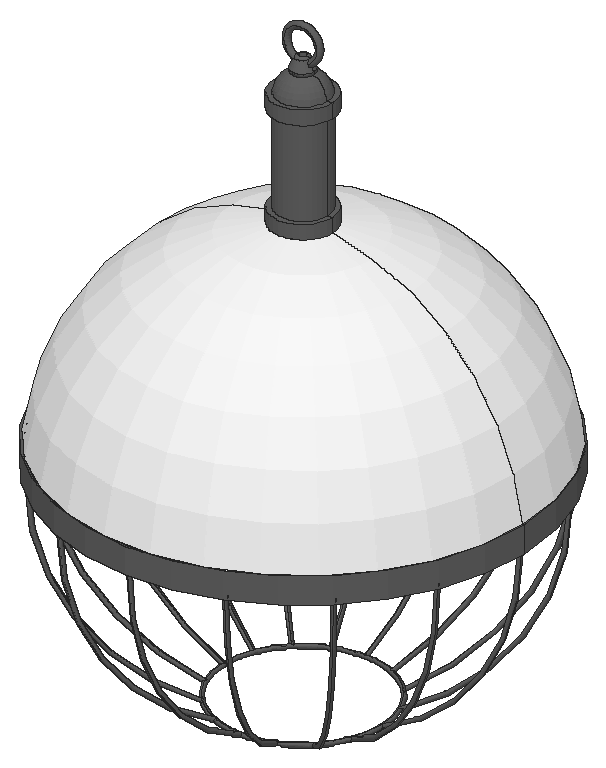
Revit family "PEHD615", category Lighting Fixtures, Revit 2024
Family settings
  Round Connector Dimension = Use Diameter
  Part Type = Normal
  OmniClass Number = 23.80.70.00
  OmniClass Title = Lighting
  Work Plane-Based = No
  Always vertical = Yes
  Cut with Voids When Loaded = No
  Light Source = No
  Maintain Annotation Orientation = No
  Shared = No
  Room Calculation Point = No
Parameters
  Default Elevation = 0' - 0"
Reference planes (in)
  plane 1 "Light Source Axis (F/B)": y = 0
  plane 2: z = 0
  plane 3 "Light Source Axis (L/R)": x = 0
  plane 4 "Light Source Elevation": z = 54
Forms (in)
  Revolve 1, solid, material "41"
    sketch origin (0, 0, 0) x (1, 0, 0) y (0, 0, 1)
      loop
        arc (-1, 68.43443) -> (-5.34766, 66.25997) -> (-7.44878, 61.8764) r 7.5
        line (-7.44878, 61.8764) -> (-7.5, 61.8764) -> (-7.5, 61.0014) -> (-7.40625, 61.0014) -> (-7.40625, 61.78265) -> (-7.36493, 61.78265)
        arc (-7.36493, 61.78265) -> (-5.31212, 66.1622) -> (-0.9937, 68.34068) r 7.40625
        line (-0.9937, 68.34068) -> (-0.25, 68.34068) -> (-0.25, 68.43443) -> (-1, 68.43443)
      loop
        circle (-2.67734, 54.0625) r 0.0625
      axis (0, 68.43443) -> (0, 54)
    angle from 0 to 360
  Revolve 2, solid, material "41"
    sketch origin (0, 0, 0) x (1, 0, 0) y (0, 0, 1)
      loop
        line (-1, 68.43443) -> (-0.25, 68.43443) -> (-0.25, 73) -> (-0.34504, 73)
        arc (-0.34504, 73) -> (-0.66363, 72.74425) -> (-0.82187, 72.36761) r 0.83113
        line (-0.82187, 72.36761) -> (-1, 72.36761) -> (-1, 71.90102) -> (-0.82984, 71.90102) -> (-0.82984, 68.90102) -> (-1, 68.90102) -> (-1, 68.43443)
      axis (0, 73) -> (0, 68.43443)
    angle from 0 to 360
  Revolve 3, solid, material "41"
    sketch origin (0, 0, 0) x (1, 0, 0) y (0, 0, 1)
      loop
        arc (-0.37554, 73.09992) -> (-0.37217, 73.03268) -> (-0.31332, 73) r 0.06933
        line (-0.31332, 73) -> (-0.12768, 73) -> (-0.12768, 73.48254)
        arc (-0.12768, 73.48254) -> (-0.18178, 73.46594) -> (-0.21728, 73.42187) r 0.09651
        line (-0.21728, 73.42187) -> (-0.37554, 73.09992)
      axis (0, 73.48254) -> (0, 73)
    angle from 0 to 360
  Sweep 4, solid, material "41"
    path origin (0, 0, 0) x (1, 0, 0) y (0, 0, 1)
      loop
        arc (0.17968, 73.29298) -> (-0.00033, 74.37424) -> (-0.17905, 73.29277) r 0.55556
    profile origin (-0.00033, 0, 74.37424) x (0.000592, 0, -1) y (0, -1, 0)
      loop
        circle (0, 0) r 0.1068
  Sweep 5, solid, material "41"
    path origin (0, 0, 0) x (1, 0, 0) y (0, 0, 1)
      loop
        arc (-2.67734, 54.0625) -> (-6.06077, 56.82568) -> (-7.3438, 61.0014) r 7.53905
        line (-7.3438, 61.0014) -> (-7.3438, 61.4389)
    profile origin (-7.3438, 0, 61.22015) x (-1, 0, 0) y (0, -1, 0)
      loop
        circle (0, 0) r 0.0625
  Sweep 6, solid, material "41"
    path origin (0, 0, 0) x (0.92388, -0.382683, 0) y (0, 0, 1)
      loop
        arc (-2.67734, 54.0625) -> (-6.06077, 56.82568) -> (-7.3438, 61.0014) r 7.53905
        line (-7.3438, 61.0014) -> (-7.3438, 61.4389)
    profile origin (-6.78479, 2.81035, 61.22015) x (-0.92388, 0.382683, 0) y (-0.382683, -0.92388, 0)
      loop
        circle (0, 0) r 0.0625
  Sweep 7, solid, material "41"
    path origin (0, 0, 0) x (0.92388, 0.382683, 0) y (0, 0, 1)
      loop
        arc (-2.67734, 54.0625) -> (-6.06077, 56.82568) -> (-7.3438, 61.0014) r 7.53905
        line (-7.3438, 61.0014) -> (-7.3438, 61.4389)
    profile origin (-6.78479, -2.81035, 61.22015) x (-0.92388, -0.382683, 0) y (0.382683, -0.92388, 0)
      loop
        circle (0, 0) r 0.0625
  Sweep 8, solid, material "41"
    path origin (0, 0, 0) x (0.707107, 0.707107, 0) y (0, 0, 1)
      loop
        arc (-2.67734, 54.0625) -> (-6.06077, 56.82568) -> (-7.3438, 61.0014) r 7.53905
        line (-7.3438, 61.0014) -> (-7.3438, 61.4389)
    profile origin (-5.19285, -5.19285, 61.22015) x (-0.707107, -0.707107, 0) y (0.707107, -0.707107, 0)
      loop
        circle (0, 0) r 0.0625
  Sweep 9, solid, material "41"
    path origin (0, 0, 0) x (0.382683, 0.92388, 0) y (0, 0, 1)
      loop
        arc (-2.67734, 54.0625) -> (-6.06077, 56.82568) -> (-7.3438, 61.0014) r 7.53905
        line (-7.3438, 61.0014) -> (-7.3438, 61.4389)
    profile origin (-2.81035, -6.78479, 61.22015) x (-0.382683, -0.92388, 0) y (0.92388, -0.382683, 0)
      loop
        circle (0, 0) r 0.0625
  Sweep 10, solid, material "41"
    path origin (0, 0, 0) x (0, 1, 0) y (0, 0, 1)
      loop
        arc (-2.67734, 54.0625) -> (-6.06077, 56.82568) -> (-7.3438, 61.0014) r 7.53905
        line (-7.3438, 61.0014) -> (-7.3438, 61.4389)
    profile origin (0, -7.3438, 61.22015) x (0, -1, 0) y (1, 0, 0)
      loop
        circle (0, 0) r 0.0625
  Sweep 11, solid, material "41"
    path origin (0, 0, 0) x (-0.382683, 0.92388, 0) y (0, 0, 1)
      loop
        arc (-2.67734, 54.0625) -> (-6.06077, 56.82568) -> (-7.3438, 61.0014) r 7.53905
        line (-7.3438, 61.0014) -> (-7.3438, 61.4389)
    profile origin (2.81035, -6.78479, 61.22015) x (0.382683, -0.92388, 0) y (0.92388, 0.382683, 0)
      loop
        circle (0, 0) r 0.0625
  Sweep 12, solid, material "41"
    path origin (0, 0, 0) x (-0.707107, 0.707107, 0) y (0, 0, 1)
      loop
        arc (-2.67734, 54.0625) -> (-6.06077, 56.82568) -> (-7.3438, 61.0014) r 7.53905
        line (-7.3438, 61.0014) -> (-7.3438, 61.4389)
    profile origin (5.19285, -5.19285, 61.22015) x (0.707107, -0.707107, 0) y (0.707107, 0.707107, 0)
      loop
        circle (0, 0) r 0.0625
  Sweep 13, solid, material "41"
    path origin (0, 0, 0) x (-0.92388, 0.382683, 0) y (0, 0, 1)
      loop
        arc (-2.67734, 54.0625) -> (-6.06077, 56.82568) -> (-7.3438, 61.0014) r 7.53905
        line (-7.3438, 61.0014) -> (-7.3438, 61.4389)
    profile origin (6.78479, -2.81035, 61.22015) x (0.92388, -0.382683, 0) y (0.382683, 0.92388, 0)
      loop
        circle (0, 0) r 0.0625
  Sweep 14, solid, material "41"
    path origin (0, 0, 0) x (-1, 0, 0) y (0, 0, 1)
      loop
        arc (-2.67734, 54.0625) -> (-6.06077, 56.82568) -> (-7.3438, 61.0014) r 7.53905
        line (-7.3438, 61.0014) -> (-7.3438, 61.4389)
    profile origin (7.3438, 0, 61.22015) x (1, 0, 0) y (0, 1, 0)
      loop
        circle (0, 0) r 0.0625
  Sweep 15, solid, material "41"
    path origin (0, 0, 0) x (-0.92388, -0.382683, 0) y (0, 0, 1)
      loop
        arc (-2.67734, 54.0625) -> (-6.06077, 56.82568) -> (-7.3438, 61.0014) r 7.53905
        line (-7.3438, 61.0014) -> (-7.3438, 61.4389)
    profile origin (6.78479, 2.81035, 61.22015) x (0.92388, 0.382683, 0) y (-0.382683, 0.92388, 0)
      loop
        circle (0, 0) r 0.0625
  Sweep 16, solid, material "41"
    path origin (0, 0, 0) x (-0.707107, -0.707107, 0) y (0, 0, 1)
      loop
        arc (-2.67734, 54.0625) -> (-6.06077, 56.82568) -> (-7.3438, 61.0014) r 7.53905
        line (-7.3438, 61.0014) -> (-7.3438, 61.4389)
    profile origin (5.19285, 5.19285, 61.22015) x (0.707107, 0.707107, 0) y (-0.707107, 0.707107, 0)
      loop
        circle (0, 0) r 0.0625
  Sweep 17, solid, material "41"
    path origin (0, 0, 0) x (-0.382683, -0.92388, 0) y (0, 0, 1)
      loop
        arc (-2.67734, 54.0625) -> (-6.06077, 56.82568) -> (-7.3438, 61.0014) r 7.53905
        line (-7.3438, 61.0014) -> (-7.3438, 61.4389)
    profile origin (2.81035, 6.78479, 61.22015) x (0.382683, 0.92388, 0) y (-0.92388, 0.382683, 0)
      loop
        circle (0, 0) r 0.0625
  Sweep 18, solid, material "41"
    path origin (0, 0, 0) x (0, -1, 0) y (0, 0, 1)
      loop
        arc (-2.67734, 54.0625) -> (-6.06077, 56.82568) -> (-7.3438, 61.0014) r 7.53905
        line (-7.3438, 61.0014) -> (-7.3438, 61.4389)
    profile origin (0, 7.3438, 61.22015) x (0, 1, 0) y (-1, 0, 0)
      loop
        circle (0, 0) r 0.0625
  Sweep 19, solid, material "41"
    path origin (0, 0, 0) x (0.382683, -0.92388, 0) y (0, 0, 1)
      loop
        arc (-2.67734, 54.0625) -> (-6.06077, 56.82568) -> (-7.3438, 61.0014) r 7.53905
        line (-7.3438, 61.0014) -> (-7.3438, 61.4389)
    profile origin (-2.81035, 6.78479, 61.22015) x (-0.382683, 0.92388, 0) y (-0.92388, -0.382683, 0)
      loop
        circle (0, 0) r 0.0625
  Sweep 20, solid, material "41"
    path origin (0, 0, 0) x (0.707107, -0.707107, 0) y (0, 0, 1)
      loop
        arc (-2.67734, 54.0625) -> (-6.06077, 56.82568) -> (-7.3438, 61.0014) r 7.53905
        line (-7.3438, 61.0014) -> (-7.3438, 61.4389)
    profile origin (-5.19285, 5.19285, 61.22015) x (-0.707107, 0.707107, 0) y (-0.707107, -0.707107, 0)
      loop
        circle (0, 0) r 0.0625
Dimensions and locks (in)
  aligned and locked: level to plane 2
